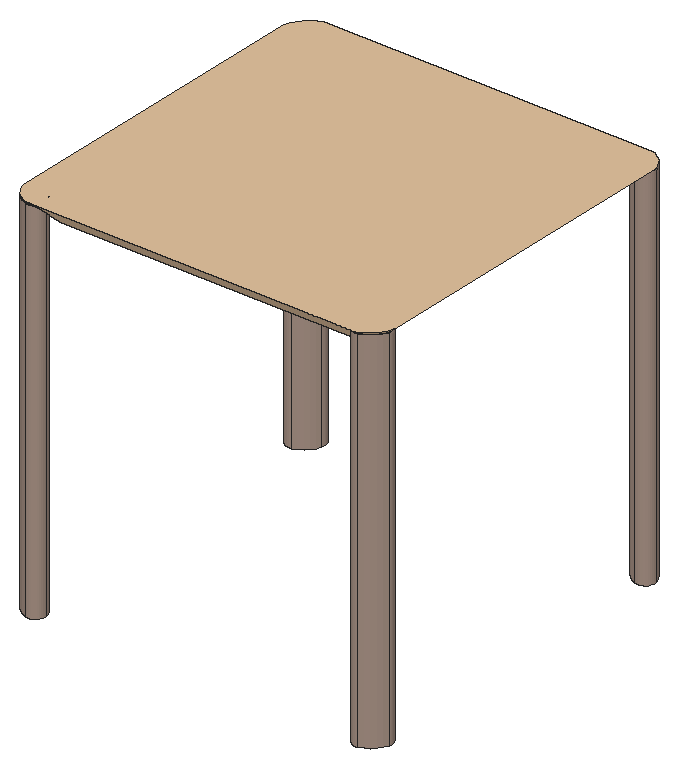
Revit family
Parameters (values of type "600 x 600 mm")
  Table Top Material = Birch
  Table Height = 600 mm
  Legs Material = Walnut
Reference planes
  plane 1 "Center (Front/Back)": y = -49.982
  plane 2: z = 0
  plane 3 "Center (Left/Right)": x = -49.982
  plane 4: z = 600
Forms (mm)
  Extrusion 1, solid, material "Walnut" <- "Legs Material"
    sketch origin (0, 0, 0) x (1, 0, 0) y (0, 1, 0)
      loop
        arc (-327.835, -301.792) -> (-343.232, -305.153) -> (-348.08, -320.149) r 15.815
        arc (-348.08, -320.149) -> (-336.958, -337.751) -> (-319.356, -348.873) r 47.304
        arc (-319.356, -348.873) -> (-304.36, -344.025) -> (-300.998, -328.628) r 15.815
        arc (-300.998, -328.628) -> (-311.395, -312.188) -> (-327.835, -301.792) r 44.275
      loop
        arc (227.871, -301.792) -> (211.431, -312.188) -> (201.034, -328.628) r 44.275
        arc (201.034, -328.628) -> (204.396, -344.025) -> (219.392, -348.873) r 15.815
        arc (219.392, -348.873) -> (236.994, -337.751) -> (248.116, -320.149) r 47.304
        arc (248.116, -320.149) -> (243.268, -305.153) -> (227.871, -301.792) r 15.815
      loop
        arc (-327.835, 201.828) -> (-311.395, 212.225) -> (-300.998, 228.665) r 44.275
        arc (-300.998, 228.665) -> (-304.36, 244.062) -> (-319.356, 248.91) r 15.815
        arc (-319.356, 248.91) -> (-336.958, 237.788) -> (-348.08, 220.185) r 47.304
        arc (-348.08, 220.185) -> (-343.232, 205.19) -> (-327.835, 201.828) r 15.815
      loop
        arc (227.871, 201.828) -> (243.268, 205.19) -> (248.116, 220.185) r 15.815
        arc (248.116, 220.185) -> (236.994, 237.788) -> (219.392, 248.91) r 47.304
        arc (219.392, 248.91) -> (204.396, 244.062) -> (201.034, 228.665) r 15.815
        arc (201.034, 228.665) -> (211.431, 212.225) -> (227.871, 201.828) r 44.275
    from 0 to 600
  Blend 2, solid, material "Birch" <- "Table Top Material"
    base sketch origin (0, 0, 600) x (0, -1, 0) y (1, 0, 0)
      loop
        line (-250.018, 215.836) -> (-250.018, -315.8)
        arc (-250.018, -315.8) -> (-236.509, -338.19) -> (-213.168, -349.982) r 47.304
        line (-213.168, -349.982) -> (313.131, -349.982)
        arc (313.131, -349.982) -> (336.472, -338.19) -> (349.982, -315.8) r 47.304
        line (349.982, -315.8) -> (349.982, 215.836)
        arc (349.982, 215.836) -> (336.472, 238.226) -> (313.131, 250.018) r 47.304
        line (313.131, 250.018) -> (-213.168, 250.018)
        arc (-213.168, 250.018) -> (-236.509, 238.226) -> (-250.018, 215.836) r 47.304
    top sketch origin (0, 0, 600) x (0, -1, 0) y (1, 0, 0)
      loop
        line (-199.587, 199.586) -> (-199.587, -299.55) -> (299.55, -299.55) -> (299.55, 199.586) -> (-199.587, 199.586)
    from 3 to -42
Lines and regions (mm)
  Masking region 1
    outline origin (0, 0, 600) x (0, -1, 0) y (1, 0, 0)
      loop
        arc (-250.018, -315.8) -> (-236.509, -338.19) -> (-213.168, -349.982) r 47.304
        line (-213.168, -349.982) -> (313.131, -349.982)
        arc (313.131, -349.982) -> (336.472, -338.19) -> (349.982, -315.8) r 47.304
        line (349.982, -315.8) -> (349.982, 215.836)
        arc (349.982, 215.836) -> (336.472, 238.226) -> (313.131, 250.018) r 47.304
        line (313.131, 250.018) -> (-213.168, 250.018)
        arc (-213.168, 250.018) -> (-236.509, 238.226) -> (-250.018, 215.836) r 47.304
        line (-250.018, 215.836) -> (-250.018, -315.8)
  symbolic lines
    curve 1: line (250.018, -313.131, 0) -> (250.018, 213.168, 0)
    curve 2: line (-349.982, -313.131, 0) -> (-349.982, 213.168, 0)
    curve 3: line (-315.8, 250.018, 0) -> (215.836, 250.018, 0)
    curve 4: line (-315.8, -349.982, 0) -> (215.836, -349.982, 0)
    curve 5: arc (-315.8, 250.018, 0) -> (-338.19, 236.509, 0) -> (-349.982, 213.168, 0) r 47.304
    curve 6: arc (250.018, 213.168, 0) -> (238.226, 236.509, 0) -> (215.836, 250.018, 0) r 47.304
    curve 7: arc (215.836, -349.982, 0) -> (238.226, -336.472, 0) -> (250.018, -313.131, 0) r 47.304
    curve 8: arc (-349.982, -313.131, 0) -> (-338.19, -336.472, 0) -> (-315.8, -349.982, 0) r 47.304
Dimensions and locks
  "Table Height": level to plane 4
  locked: Blend 2 to Blend 2 at 45
  curve 2 to curve 1 = 600 mm
  curve 4 to curve 3 = 600 mm
  level to plane 4 = 600 mm
  aligned and locked: plane 4 to Extrusion 1
  aligned and locked: Blend 2 sketch curve to Extrusion 1  (x4)
  aligned and locked: Masking region 1 sketch curve to curve 3
  aligned and locked: Masking region 1 sketch curve to curve 6
  aligned and locked: Masking region 1 sketch curve to curve 1
  aligned and locked: Masking region 1 sketch curve to curve 7
  aligned and locked: Masking region 1 sketch curve to curve 4
  aligned and locked: Masking region 1 sketch curve to curve 8
  aligned and locked: Masking region 1 sketch curve to curve 2
  aligned and locked: Masking region 1 sketch curve to curve 5
Automatic sketch dimensions
  Extrusion 1 sketch curve to plane 3 "Center (Left/Right)" = 298.098 mm  (x2)
  Extrusion 1 sketch curve to Extrusion 1 sketch curve = 5.378 mm  (x4)
  Extrusion 1 sketch curve to Extrusion 1 sketch curve = 15.472 mm  (x6)
  Extrusion 1 sketch curve to Extrusion 1 sketch curve = 4.773 mm  (x4)
  Extrusion 1 sketch curve to Extrusion 1 sketch curve = 23.347 mm  (x6)
  Extrusion 1 sketch curve to Extrusion 1 sketch curve = 3.279 mm  (x4)
  Extrusion 1 sketch curve to Extrusion 1 sketch curve = 24.326 mm  (x6)
  Extrusion 1 sketch curve to Extrusion 1 sketch curve = 15.078 mm  (x6)
  plane 3 "Center (Left/Right)" to Extrusion 1 sketch curve = 251.016 mm  (x2)
  Extrusion 1 sketch curve to Extrusion 1 sketch curve = 2.51 mm  (x4)
  plane 1 "Center (Front/Back)" to Extrusion 1 sketch curve = 298.891 mm  (x2)
  Extrusion 1 sketch curve to plane 1 "Center (Front/Back)" = 251.81 mm  (x2)
  Blend 2 sketch curve to plane 1 "Center (Front/Back)" = 249.568 mm
  plane 1 "Center (Front/Back)" to Blend 2 sketch curve = 249.568 mm
  plane 3 "Center (Left/Right)" to Blend 2 sketch curve = 249.568 mm
  Blend 2 sketch curve to plane 3 "Center (Left/Right)" = 249.568 mm
  Blend 2 sketch curve to Blend 2 sketch curve = 8.829 mm  (x2)
  Blend 2 sketch curve to Blend 2 sketch curve = 36.851 mm  (x2)
  curve 5 to plane 3 "Center (Left/Right)" = 300 mm
  curve 2 to curve 5 = 34.182 mm
  curve 8 to curve 8 = 34.182 mm
  curve 5 to curve 5 = 46.473 mm
  curve 8 to curve 8 = 46.473 mm
  curve 6 to curve 1 = 46.473 mm
  curve 7 to curve 1 = 46.473 mm
  curve 7 to curve 7 = 12.291 mm
  curve 6 to curve 3 = 12.291 mm
  curve 8 to curve 8 = 36.851 mm
  curve 7 to curve 7 = 36.851 mm
  curve 6 to plane 1 "Center (Front/Back)" = 254.32 mm
  curve 6 to curve 1 = 8.829 mm
  curve 5 to curve 2 = 8.829 mm
